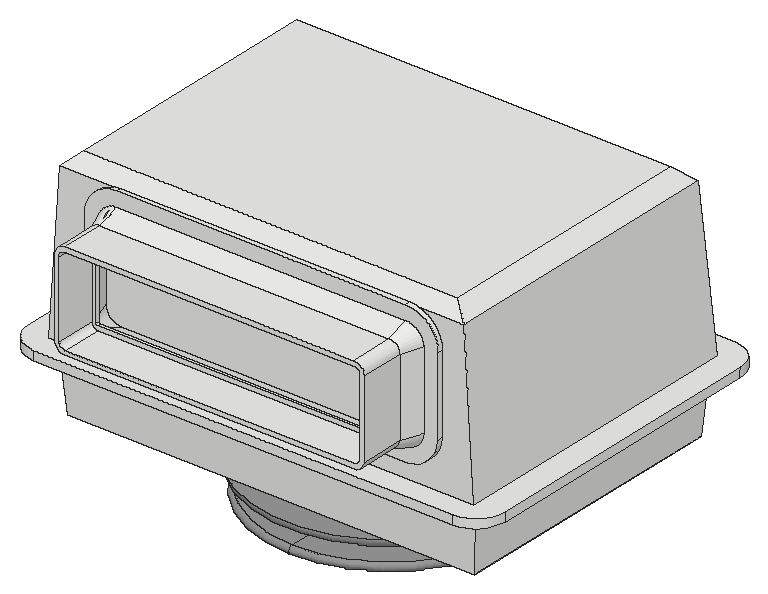
Revit family "IAQ-V125+IAQ-PLENUM", category Air Terminals, Revit 2018
Family settings
  Round Connector Dimension = Use Diameter
  Part Type = Normal
  OmniClass Number = 23.75.00.00
  OmniClass Title = Climate Control (HVAC)
  Work Plane-Based = No
  Always vertical = No
  Cut with Voids When Loaded = No
  Shared = No
  Room Calculation Point = No
Parameters (values of type "IAQ-V125")
  Weight = 0.00 kg
  Unit Description = "IAQ-V125 Valve"
  Terminal Flow [instance] = 10.0 L/s
  Spigot Width = 204 mm
  Spigot Height = 60 mm
  Room Volume [instance] = 0.00 m³
  Room Name [instance] = "Room"
  Revit Family Last Revised = "14/03/18"
  Quote Reference [instance] = ""
  Project Reference [instance] = ""
  Pressure Drop = 0.0 Pa
  Order Reference [instance] = ""
  Nuaire Model No = "IAQ-V125"
  Model = Nuaire Model No  # "IAQ-V125"
  Manufacturer = "Nuaire"
  Location Reference [instance] = ""
  Location [instance] = ""
  Description = Unit Description  # "IAQ-V125 Valve"
  Assembly Code = ""
Reference planes
  plane 1 "Centre (Front/Back)": y = 0
  plane 2: z = 0
  plane 3 "Centre (Left/Right)": x = 0
  plane 4: y = 65.5
  plane 5: y = 51
  plane 6: y = 80
  plane 7 "Connector Height": z = 0
Forms (mm)
  Sweep 1, solid, material "Plastic Matt"
    path origin (0, 0, 0) x (1, 0, 0) y (0, 1, 0)
      loop
        circle (0, 0) r 60
    profile origin (0, 60, 0) x (0, -1, 0) y (0, 0, 1)
      loop
        line (-10.446, 0) -> (-29.879, 0)
        arc (-29.879, 0) -> (-28.815, -3.849) -> (-25.192, -5.527) r 4.751
        line (-25.192, -5.527) -> (0.107, -5.527) -> (1.392, 68.098) -> (-1.758, 68.098) -> (-2.332, 35.177) -> (-9.832, 35.177) -> (-10.446, 0)
  Revolve 2, solid, material "Black Mesh"
    sketch origin (0, 0, 0) x (0, 1, 0) y (0, 0, 1)
      loop
        line (0, 35.177) -> (0, 173) -> (-47.159, 173) -> (-48.566, 171.593) -> (-59, 35.177) -> (0, 35.177)
      axis (0, 173) -> (0, 35.177)
    angle from 0 to 360
  Revolve 3, solid, material "Black Mesh"
    sketch origin (0, 0, 0) x (0, 1, 0) y (0, 0, 1)
      loop
        line (0, 35.177) -> (0, 78) -> (-17.321, 78) -> (-29.743, 156.432) -> (-31.366, 158.055) -> (-40.45, 158.055) -> (-41.697, 156.807) -> (-47.163, 35.177) -> (0, 35.177)
      axis (0, 158.055) -> (0, 35.177)
    angle from 0 to 360
Dimensions and locks
  plane 7 "Connector Height" to level = 0 mm
Nested families
  nested 1: "Arrows Sup" at (0, 0, 0), type "Arrows Ext"
  nested 2: "valve_caps" at (0, 0, 0), type "Air Valve"
    with Location Reference "", plastic no, convex_disc no, SS no, Q yes
  nested 3: "IAQ Plenum" at (0, 0, 12), type "IAQ-V125"
    with Wall Mounted no, Terminal Flow 10.0 L/s, Room Volume 0.00 m³, Room Name "Room", Quote Reference "", Project Reference "", Order Reference "", Location Reference "", Location ""
Connectors
  hvac at (0.056, -126.602, 128.451), driven by "Spigot Height", driven by "Spigot Width", driven by "Terminal Flow"
    settings: on nested 3, index 1, duct flow 10.0 L/s, flow factor 0, pres drop 0.0 Pa, loss coef 0, conn angle 0.00°, conn width 204 mm, conn height 60 mm, conn diameter 609.6 mm, duct sys type 1, conn prof type 1, flow config 0, flow direction 1, loss method 0, conn ref index -1, conn util no, is conn primary yes, conn desc "Valve Connection"
Definition of nested family "valve_caps"
  Parameters
    steel = no
    q-filter = yes
    plastic = yes
    convex_disc = yes
    SS = yes
    Q = no
    Model = ""
    Manufacturer = "Nuaire"
    Location Reference [instance] = ""
    FD = no
    Description = ""
    Assembly Code = ""
  Reference planes
    plane 1 "Centre (Front/Back)": y = 0
    plane 2: z = 0
    plane 3 "Centre (Left/Right)": x = 0
    plane 4 "Connector Height": z = 0
    plane 5: z = 0
  Forms (mm)
    Revolve 1, solid, visible <- "FD"
      sketch origin (0, 0, -1.817) x (0, 1, 0) y (0, 0, 1)
        loop
          arc (0, -15.809) -> (30.286, -15.066) -> (60.5, -12.838) r 617.495
          line (60.5, -12.838) -> (52.813, -2.809) -> (0, -2.809) -> (0, -15.809)
        axis (0, -2.809) -> (0, -15.809)
      angle from 0 to 360
    Revolve 2, solid, visible <- "Q"
      sketch origin (0, 0, -8.881) x (0, 1, 0) y (0, 0, 1)
        loop
          arc (84.973, -12.814) -> (86.666, -9.901) -> (84.087, -7.733) r 2.618
          line (84.087, -7.733) -> (0, -7.733) -> (0, -19.329)
          arc (0, -19.329) -> (42.603, -17.588) -> (84.973, -12.814) r 597.678
        axis (0, -19.329) -> (0, -7.733)
      angle from 0 to 360
    Revolve 3, solid, not visible
      sketch origin (0, 0, 0) x (0, 1, 0) y (0, 0, 1)
        loop
          line (45.995, -8.53) -> (4.5, 61.679) -> (0, 64.973) -> (0, -17) -> (59.764, -14.794)
          arc (59.764, -14.794) -> (60.917, -13.784) -> (60.188, -12.435) r 1.229
          line (60.188, -12.435) -> (45.995, -8.53)
        axis (0, 64.973) -> (0, -17)
      angle from 0 to 360
    Revolve 4, solid, visible <- "SS"
      sketch origin (0, 0, -3.518) x (0, 1, 0) y (0, 0, 1)
        loop
          line (-45.732, -8.927) -> (-58.517, -8.927) -> (0, -18.195) -> (0, -16.17) -> (-45.732, -8.927)
        axis (0, -8.927) -> (0, -18.195)
      angle from 0 to 360
Definition of nested family "IAQ Plenum"
  Parameters (values of type "IAQ-V125")
    Wall Mounted [instance] = no
    Weight = 0.00 kg
    Unit Description = "Plenum box for an IAQ-V125 valve"
    Terminal Flow [instance] = 0.0 L/s
    Spigot Width = 204 mm
    Spigot Height = 60 mm
    Room Volume [instance] = 0.00 m³
    Room Name [instance] = "Room"
    Revit Family Last Revised = "14/03/18"
    Quote Reference [instance] = ""
    Project Reference [instance] = ""
    Pressure Drop = 0.0 Pa
    Order Reference [instance] = ""
    Nuaire Model No = "IAQ-PLENUM"
    Model = Nuaire Model No  # "IAQ-PLENUM"
    Manufacturer = "Nuaire"
    Location Reference [instance] = ""
    Location [instance] = ""
    Description = Unit Description  # "Plenum box for an IAQ-V125 valve"
    Assembly Code = ""
  Reference planes
    plane 1 "Centre (Front/Back)": y = 0
    plane 2: z = 0
    plane 3 "Centre (Left/Right)": x = 0
    plane 4: y = -107.001
    plane 5: y = 99.869
    plane 6: y = 92.468
    plane 7: y = 82.493
    plane 8: y = -98.996
    plane 9: x = -147.369
    plane 10: x = -139.968
    plane 11: x = -129.993
    plane 12: x = 124.924
    plane 13: x = 142.37
    plane 14: x = 134.97
    plane 15: z = 116.557
  Forms (mm)
    Extrusion 1, solid
      sketch origin (0, 0, 0) x (1, 0, 0) y (0, 1, 0)
        loop
          line (-110.284, 87.14) -> (-110.284, -87.141) -> (110.285, -87.141) -> (110.285, 87.14) -> (-110.284, 87.14)
      from 0 to 3
    Blend 2, solid
      base sketch origin (0, 0, 0) x (1, 0, 0) y (0, 1, 0)
        loop
          line (-136.043, 87.14) -> (-136.043, -88.564) -> (131.025, -88.564) -> (131.025, 87.14) -> (-136.043, 87.14)
      top sketch origin (0, 0, 0) x (1, 0, 0) y (0, 1, 0)
        loop
          line (-141.024, 93.524) -> (-141.024, -98.526) -> (136.025, -98.526) -> (136.025, 93.524) -> (-141.024, 93.524)
      from 3 to 7.564
    Blend 3, solid
      base sketch origin (0, 0, 0) x (1, 0, 0) y (0, 1, 0)
        loop
          line (-144.577, 97.077) -> (-144.577, -102.078) -> (139.578, -102.078) -> (139.578, 97.077) -> (-144.577, 97.077)
      top sketch origin (0, 0, 0) x (1, 0, 0) y (0, 1, 0)
        loop
          line (-141.024, 93.524) -> (-141.024, -98.526) -> (136.025, -98.526) -> (136.025, 93.524) -> (-141.024, 93.524)
      from 50 to 7.564
    Extrusion 4, solid
      sketch origin (0, 0, 0) x (1, 0, 0) y (0, 1, 0)
        loop
          arc (140.001, -122.501) -> (154.143, -116.643) -> (160.001, -102.501) r 20
          line (160.001, -102.501) -> (160.001, 97.499)
          arc (160.001, 97.499) -> (154.143, 111.641) -> (140.001, 117.499) r 20
          line (140.001, 117.499) -> (-144.999, 117.499)
          arc (-144.999, 117.499) -> (-159.142, 111.641) -> (-164.999, 97.499) r 20
          line (-164.999, 97.499) -> (-164.999, -102.501)
          arc (-164.999, -102.501) -> (-159.142, -116.643) -> (-144.999, -122.501) r 20
          line (-144.999, -122.501) -> (140.001, -122.501)
      from 50 to 56
    Blend 5, solid
      base sketch origin (0, 0, 0) x (1, 0, 0) y (0, 1, 0)
        loop
          line (-147.369, 99.869) -> (-147.369, -107.001) -> (142.37, -107.001) -> (142.37, 99.869) -> (-147.369, 99.869)
      top sketch origin (0, 0, 0) x (1, 0, 0) y (0, 1, 0)
        loop
          line (-139.968, 92.468) -> (-139.968, -107.001) -> (134.97, -107.001) -> (134.97, 92.468) -> (-139.968, 92.468)
      from 56 to 163.488
    Blend 6, solid
      base sketch origin (0, 0, 0) x (1, 0, 0) y (0, 1, 0)
        loop
          line (-139.968, 92.468) -> (-139.968, -107.001) -> (134.97, -107.001) -> (134.97, 92.468) -> (-139.968, 92.468)
      top sketch origin (0, 0, 0) x (1, 0, 0) y (0, 1, 0)
        loop
          line (-129.993, 82.493) -> (-129.993, -98.996) -> (124.924, -98.996) -> (124.924, 82.493) -> (-129.993, 82.493)
      from 163.488 to 173
    Extrusion 7, void
      sketch origin (0, 0, 0) x (1, 0, 0) y (0, 1, 0)
        loop
          circle (0, 0) r 66.5
      from 0 to 163.488
  Cuts and joins
    Extrusion 7 cuts Extrusion 1
    Extrusion 7 cuts Blend 2
    Extrusion 7 cuts Blend 3
    Extrusion 7 cuts Extrusion 4
    Extrusion 7 cuts Blend 5
    Extrusion 7 cuts Blend 6
    joined: Extrusion 1, Blend 2, Blend 3, Extrusion 4, Blend 5, Blend 6
  Nested families
    nested 1: "spigot_204x60_ff" at (0, -107.001, 116.557) x (1, 0, 0) z (0, -1, 0), type "spigot_204x60_ff"
      with Spigot yes, Bracket no
  Definition of nested family "spigot_204x60_ff"
    Parameters (values of type "spigot_204x60_ff")
      Spigot [instance] = not(Bracket)  # yes
      Default Elevation = 1219.2 mm
      Bracket [instance] = no
    Reference planes
      plane 1 "Center (Front/Back)": y = 0
      plane 2: z = 0
      plane 3 "Center (Left/Right)": x = 0
    Forms (mm)
      Extrusion 1, solid
        sketch origin (0, 0, 0) x (1, 0, 0) y (0, 1, 0)
          loop
            line (-1219.2, 1219.2) -> (-1219.2, -1219.2) -> (1219.2, -1219.2) -> (1219.2, 1219.2) -> (-1219.2, 1219.2)
        from 0 to -304.8
      Sweep 2, solid, visible <- "Spigot", detail levels medium+fine
        path origin (0, 0, 0) x (1, 0, 0) y (0, 1, 0)
          loop
            line (98.51, 47.977) -> (-98.531, 47.977)
            arc (-98.531, 47.977) -> (-114.02, 41.486) -> (-120.511, 25.997) r 22.164
            line (-120.511, 25.997) -> (-120.511, -26.042)
            arc (-120.511, -26.042) -> (-114.081, -41.592) -> (-98.531, -48.021) r 21.952
            line (-98.531, -48.021) -> (99.886, -48.021)
            arc (99.886, -48.021) -> (114.057, -41.612) -> (120.49, -27.453) r 22.086
            line (120.49, -27.453) -> (120.49, 25.997)
            arc (120.49, 25.997) -> (114.023, 41.51) -> (98.51, 47.977) r 22.081
        profile origin (-0.01, 47.977, 0) x (0, -1, 0) y (0, 0, 1)
          loop
            line (9.879, 3.493) -> (0, 3.493) -> (0, 0) -> (11.809, 0) -> (18.166, 17.64) -> (20.877, 17.64) -> (20.877, 19.601) -> (17.977, 19.601) -> (17.977, 47.488) -> (14.977, 47.488) -> (14.977, 17.64) -> (9.879, 3.493)
      Extrusion 3, solid, visible <- "Spigot", detail levels coarse
        sketch origin (0, 0, 0) x (1, 0, 0) y (0, 1, 0)
          loop
            line (-105.534, 33.044) -> (-105.534, -33.044) -> (105.534, -33.044) -> (105.534, 33.044) -> (-105.534, 33.044)
        from 0 to 47.488
    Dimensions and locks
      aligned and locked: plane 2 to Extrusion 1
      aligned and locked: level to Extrusion 1
Definition of nested family "Arrows Sup"
  Parameters
    Assembly Code = ""
  Reference planes
    plane 1 "Centre (Front/Back)": y = 0
    plane 2: z = 0
    plane 3 "Centre (Left/Right)": x = 0
  Lines and regions (mm)
    model lines
      curve 1: line (-260.153, 0, 0) -> (-208.75, 15.221, 0)
      curve 2: line (-208.75, 15.221, 0) -> (-208.75, 5.816, 0)
      curve 3: line (-208.75, 5.816, 0) -> (-110, 5.816, 0)
      curve 4: line (-110, 5.816, 0) -> (-110, 0, 0)
      curve 5: line (-260.153, 0, 0) -> (-208.75, -15.234, 0)
      curve 6: line (-208.75, -15.234, 0) -> (-208.75, -5.816, 0)
      curve 7: line (-208.75, -5.816, 0) -> (-110, -5.816, 0)
      curve 8: line (-110, -5.816, 0) -> (-110, 0, 0)
      curve 9: line (0, 260.153, 0) -> (15.221, 208.75, 0)
      curve 10: line (15.221, 208.75, 0) -> (5.816, 208.75, 0)
      curve 11: line (5.816, 208.75, 0) -> (5.816, 110, 0)
      curve 12: line (5.816, 110, 0) -> (0, 110, 0)
      curve 13: line (0, 260.153, 0) -> (-15.234, 208.75, 0)
      curve 14: line (-15.234, 208.75, 0) -> (-5.816, 208.75, 0)
      curve 15: line (-5.816, 208.75, 0) -> (-5.816, 110, 0)
      curve 16: line (-5.816, 110, 0) -> (0, 110, 0)
      curve 17: line (0, -260.153, 0) -> (-15.221, -208.75, 0)
      curve 18: line (-15.221, -208.75, 0) -> (-5.816, -208.75, 0)
      curve 19: line (-5.816, -208.75, 0) -> (-5.816, -110, 0)
      curve 20: line (-5.816, -110, 0) -> (0, -110, 0)
      curve 21: line (0, -260.153, 0) -> (15.234, -208.75, 0)
      curve 22: line (15.234, -208.75, 0) -> (5.816, -208.75, 0)
      curve 23: line (5.816, -208.75, 0) -> (5.816, -110, 0)
      curve 24: line (5.816, -110, 0) -> (0, -110, 0)
      curve 25: line (260.153, 0, 0) -> (208.75, -15.221, 0)
      curve 26: line (208.75, -15.221, 0) -> (208.75, -5.816, 0)
      curve 27: line (208.75, -5.816, 0) -> (110, -5.816, 0)
      curve 28: line (110, -5.816, 0) -> (110, 0, 0)
      curve 29: line (260.153, 0, 0) -> (208.75, 15.234, 0)
      curve 30: line (208.75, 15.234, 0) -> (208.75, 5.816, 0)
      curve 31: line (208.75, 5.816, 0) -> (110, 5.816, 0)
      curve 32: line (110, 5.816, 0) -> (110, 0, 0)
